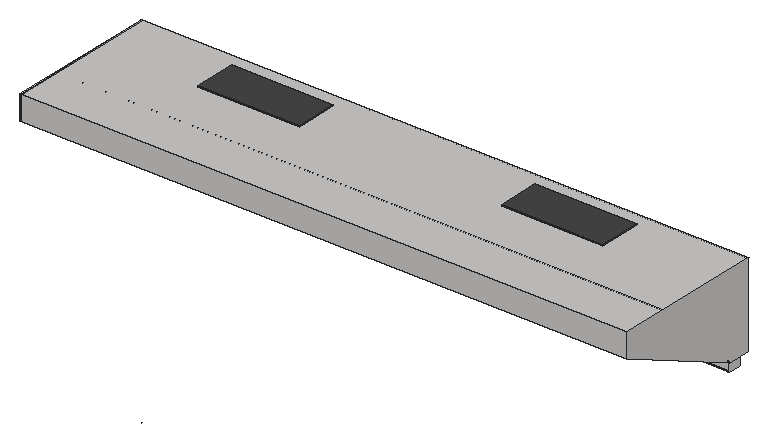
Revit family "QF_ELECTROLUXPROFESSIONAL_642291_MP936BT", category Specialty Equipment, Revit 2014
Reference planes
  plane 1: z = 0
  plane 2 "Center (Left/Right)": x = 150
  plane 3 "LEFT": x = -1650
  plane 4 "RIGHT": x = 1950
  plane 5 "BACK": y = 550
  plane 6 "Plane": z = 2000
  plane 7 "TOP": z = 2140
  plane 8 "Base": z = 1640
  plane 9: z = 1566
  plane 10 "DrainY": y = 485
  plane 11: x = -1647
  plane 12: through (0, 414.509, 1640.8) normal (0, 0.7314, 0.682)
  plane 13: y = 470
  plane 14: y = 220
  plane 15 "DrainX": x = 1830
  plane 16: x = -450
  plane 17: x = 750
  plane 18: x = -1050
  plane 19: x = 1350
  plane 20: x = 1947
  plane 21: x = 1740
  plane 22: x = 1920
  plane 23: x = -1610
  plane 24: x = -1245
  plane 25: x = -850
  plane 26: x = 1910
  plane 27: x = 1545
  plane 28: x = 1150
  plane 29: x = -47.5
  plane 30: x = 347.5
  plane 31: y = 100
  plane 32: y = -350
Forms (mm)
  Extrusion 1, solid, material "QF_Finishes_Stainless Steel"
    sketch origin (-1650, 0, 0) x (0, 1, 0) y (0, 0, 1)
      loop
        line (550, 1640) -> (550, 2140) -> (-350, 2140) -> (-350, 1999.112) -> (413.973, 1640) -> (550, 1640)
    from 0 to 3
  Extrusion 2, solid, material "QF_Finishes_Stainless Steel"
    sketch origin (150, 0, 0) x (0, 1, 0) y (0, 0, 1)
      loop
        line (415.255, 1640) -> (550, 1640) -> (550, 2139.19) -> (549.2, 2139.19) -> (549.2, 1640.8) -> (415.876, 1640.8) -> (339.347, 1722.867) -> (349.609, 1732.436) -> (348.927, 1733.167) -> (337.934, 1722.917) -> (415.255, 1640)
      loop
        line (-82.203, 2139.19) -> (-82.203, 2118.6) -> (-31.047, 2118.6) -> (34.354, 2048.466) -> (46.028, 2059.352) -> (45.346, 2060.083) -> (34.403, 2049.879) -> (-30.612, 2119.6) -> (-81.203, 2119.6) -> (-81.203, 2139.19) -> (-82.203, 2139.19)
    from -1797 to 1797
  Extrusion 3, solid, material "QF_Finishes_Stainless Steel"
    sketch origin (1950, 0, 0) x (0, 1, 0) y (0, 0, 1)
      loop
        line (550, 1640) -> (550, 2140) -> (-350, 2140) -> (-350, 1999.112) -> (413.973, 1640) -> (550, 1640)
    from 0 to -3
  Extrusion 4, solid, material "QF_Finishes_Stainless Steel"
    sketch origin (150, 0, 0) x (0, 1, 0) y (0, 0, 1)
      loop
        line (-350, 2140) -> (-350, 2000) -> (-349.2, 2000) -> (-349.2, 2139.19) -> (550, 2139.19) -> (550, 2140) -> (-350, 2140)
    from -1800 to 1800
  Extrusion 5, solid, material "QF_Finishes_Stainless Steel"
    sketch origin (150, 0, 0) x (0, 1, 0) y (0, 0, 1)
      loop
        line (534, 1640) -> (436, 1640) -> (436, 1627) -> (443.5, 1627) -> (443.5, 1576)
        arc (443.5, 1576) -> (446.429, 1568.929) -> (453.5, 1566) r 10
        line (453.5, 1566) -> (516.5, 1566)
        arc (516.5, 1566) -> (523.571, 1568.929) -> (526.5, 1576) r 10
        line (526.5, 1576) -> (526.5, 1627) -> (534, 1627) -> (534, 1640)
    from 1590 to 1770
  Extrusion 6, solid, material "QF_Finishes_Stainless Steel"
    sketch origin (0, 0, 1640) x (0, 1, 0) y (-1, 0, 0)
      loop
        circle (485, -1830) r 20
    from -76 to -74
  Extrusion 7, solid, material "QF_Finished_Chrome"
    sketch origin (150, 0, 0) x (0, 1, 0) y (0, 0, 1)
      loop
        line (337.934, 1722.917) -> (341.591, 1726.327) -> (38.011, 2051.876) -> (34.354, 2048.466) -> (337.934, 1722.917)
    from -1395 to -1760
  Extrusion 8, solid, material "QF_Finished_Chrome"
    sketch origin (150, 0, 0) x (0, 1, 0) y (0, 0, 1)
      loop
        line (337.934, 1722.917) -> (341.591, 1726.327) -> (38.011, 2051.876) -> (34.354, 2048.466) -> (337.934, 1722.917)
    from -197.5 to -1000
  Extrusion 9, solid, material "QF_Finishes_Stainless Steel"
    sketch origin (150, 0, 0) x (0, 1, 0) y (0, 0, 1)
      loop
        line (337.934, 1722.917) -> (341.591, 1726.327) -> (38.011, 2051.876) -> (34.354, 2048.466) -> (337.934, 1722.917)
    from 1797 to 1760
  Extrusion 10, solid, material "QF_Finishes_Stainless Steel"
    sketch origin (150, 0, 0) x (0, 1, 0) y (0, 0, 1)
      loop
        line (341.588, 1726.324) -> (38.009, 2051.874) -> (34.354, 2048.466) -> (337.934, 1722.917) -> (341.588, 1726.324)
    from -1395 to -1000
  Extrusion 11, solid, material "QF_Finished_Chrome"
    sketch origin (150, 0, 0) x (0, 1, 0) y (0, 0, 1)
      loop
        line (341.588, 1726.324) -> (38.009, 2051.874) -> (34.354, 2048.466) -> (337.934, 1722.917) -> (341.588, 1726.324)
    from 1395 to 1760
  Extrusion 12, solid, material "QF_Finishes_Black"
    sketch origin (0, 0, 2140) x (0, 1, 0) y (-1, 0, 0)
      loop
        line (470, 1050) -> (220, 1050) -> (220, 450) -> (470, 450) -> (470, 1050)
    from 5 to 0
  Extrusion 13, solid, material "QF_Finishes_Black"
    sketch origin (940, 0, 2140) x (0, 1, 0) y (-1, 0, 0)
      loop
        line (470, 190) -> (220, 190) -> (220, -410) -> (470, -410) -> (470, 190)
    from 5 to 0
  Extrusion 14, solid, material "QF_Finishes_Stainless Steel"
    sketch origin (0, 0, 0) x (1, 0, 0) y (0, 1, 0)
      loop
        line (-1650, 550) -> (-1650, 549) -> (-1649, 549) -> (-1649, 550) -> (-1650, 550)
    from 0 to 1
  Extrusion 15, solid, material "QF_Finishes_Stainless Steel"
    sketch origin (150, 0, 0) x (0, 1, 0) y (0, 0, 1)
      loop
        line (337.934, 1722.917) -> (341.591, 1726.327) -> (38.011, 2051.876) -> (34.354, 2048.466) -> (337.934, 1722.917)
    from -1760 to -1797
  Extrusion 16, solid, material "QF_Finishes_Stainless Steel"
    sketch origin (150, 0, 0) x (0, 1, 0) y (0, 0, -1)
      loop
        line (341.588, -1726.324) -> (337.934, -1722.917) -> (34.354, -2048.466) -> (38.009, -2051.874) -> (341.588, -1726.324)
    from -1395 to -1000
  Extrusion 17, solid, material "QF_Finished_Chrome"
    sketch origin (150, 0, 0) x (0, 1, 0) y (0, 0, 1)
      loop
        line (337.934, 1722.917) -> (341.591, 1726.327) -> (38.011, 2051.876) -> (34.354, 2048.466) -> (337.934, 1722.917)
    from 1000 to 197.5
  Extrusion 18, solid, material "QF_Finishes_Stainless Steel"
    sketch origin (150, 0, 0) x (0, 1, 0) y (0, 0, -1)
      loop
        line (341.588, -1726.324) -> (337.934, -1722.917) -> (34.354, -2048.466) -> (38.009, -2051.874) -> (341.588, -1726.324)
    from -197.5 to 197.5
Cuts and joins
  joined: Extrusion 2, Extrusion 4
Lines and regions (mm)
  reference lines
    curve 1: line (150, 34.354, 2048.466) -> (150, 34.354, 1888.466)
  symbolic lines, style "SpecialityEquipment", detail levels coarse
    curve 2: line (1950, 550, 2140) -> (-1650, 550, 2140)
    curve 3: line (-1650, 550, 2140) -> (-1650, -350, 2140)
    curve 4: line (1950, -350, 2140) -> (1950, 550, 2140)
    curve 5: line (-1650, -350, 2140) -> (1950, -350, 2140)
    curve 6: line (-1050, 220, 2140) -> (-450, 220, 2140)
    curve 7: line (-1050, 470, 2140) -> (-1050, 220, 2140)
    curve 8: line (-450, 470, 2140) -> (-1050, 470, 2140)
    curve 9: line (-450, 220, 2140) -> (-450, 470, 2140)
    curve 10: line (750, 470, 2140) -> (750, 220, 2140)
    curve 11: line (750, 220, 2140) -> (1350, 220, 2140)
    curve 12: line (1350, 470, 2140) -> (750, 470, 2140)
    curve 13: line (1350, 220, 2140) -> (1350, 470, 2140)
  symbolic lines, detail levels coarse
    curve 14: line (-1650, -350, 0) -> (1950, 550, 0)
    curve 15: line (-1650, 550, 0) -> (1950, -350, 0)
Dimensions and locks
  plane 3 "LEFT" to plane 4 "RIGHT" = 3600 mm
  equal spacing: plane 3 "LEFT", plane 2 "Center (Left/Right)", plane 4 "RIGHT"
  locked: plane 6 "Plane" to level at 2000
  plane 7 "TOP" to plane 6 "Plane" = 140 mm
  locked: plane 7 "TOP" to plane 8 "Base" at 500
  plane 8 "Base" to plane 9 = 74 mm
  plane 5 "BACK" to plane 10 "DrainY" = 65 mm  (x2)
  plane 3 "LEFT" to plane 11 = 3 mm
  plane 5 "BACK" to plane 13 = 80 mm
  plane 13 to plane 14 = 250 mm  (x2)
  plane 15 "DrainX" to plane 4 "RIGHT" = 120 mm
  locked: plane 16 to plane 17 at 1200
  equal spacing: plane 16, plane 2 "Center (Left/Right)", plane 17
  plane 18 to plane 16 = 600 mm
  plane 17 to plane 19 = 600 mm
  plane 20 to plane 4 "RIGHT" = 3 mm
  locked: plane 21 to plane 15 "DrainX" at 90
  locked: plane 15 "DrainX" to plane 22 at 90
  plane 13 to plane 5 "BACK" = 80 mm
  locked: plane 3 "LEFT" to plane 23 at 40
  locked: plane 23 to plane 24 at 365
  locked: plane 24 to plane 25 at 395
  locked: plane 26 to plane 27 at 365
  locked: plane 27 to plane 28 at 395
  locked: plane 26 to plane 4 "RIGHT" at 40
  locked: plane 29 to plane 30 at 395
  equal spacing: plane 29, plane 2 "Center (Left/Right)", plane 30
  plane 25 to plane 29 = 802.5 mm
  plane 30 to plane 28 = 802.5 mm
  plane 5 "BACK" to plane 32 = 900 mm  (x2)
  equal spacing: plane 5 "BACK", plane 31, plane 32
  aligned and locked: level to plane 1
  aligned and locked: Extrusion 2 to Extrusion 1
  aligned and locked: Extrusion 2 to Extrusion 3
  aligned and locked: plane 4 "RIGHT" to Extrusion 4
  aligned and locked: Extrusion 4 to plane 3 "LEFT"
  aligned and locked: plane 20 to Extrusion 9
  aligned and locked: plane 18 to Extrusion 12
  aligned and locked: Extrusion 12 to plane 16
  aligned and locked: Extrusion 12 to plane 14
  aligned and locked: Extrusion 12 to plane 13
  aligned and locked: Extrusion 13 to plane 19
  aligned and locked: plane 17 to Extrusion 13
  aligned and locked: Extrusion 2 to Extrusion 4
  aligned and locked: plane 22 to Extrusion 5
  aligned and locked: Extrusion 5 to plane 21
  aligned and locked: Extrusion 9 to plane 26
  aligned and locked: Extrusion 11 to plane 26
  aligned and locked: Extrusion 11 to plane 27
  aligned and locked: Extrusion 8 to plane 25
  aligned and locked: plane 25 to Extrusion 10
  aligned and locked: Extrusion 10 to plane 24
  aligned and locked: plane 24 to Extrusion 7
  aligned and locked: Extrusion 7 to plane 23
  aligned and locked: Extrusion 15 to plane 11
  aligned and locked: plane 23 to Extrusion 15
  aligned and locked: Extrusion 16 to plane 28
  aligned and locked: Extrusion 16 to plane 27
  aligned and locked: Extrusion 3 to plane 20
  aligned and locked: plane 29 to Extrusion 8
  aligned and locked: Extrusion 17 to plane 28
  aligned and locked: Extrusion 17 to plane 30
  aligned and locked: plane 30 to Extrusion 18
  aligned and locked: Extrusion 18 to plane 29
Automatic sketch dimensions
  curve 5 to plane 3 "LEFT" = 0 mm
  curve 9 to plane 14 = 0 mm
  curve 10 to plane 14 = 0 mm
  plane 13 to curve 8 = 0 mm
  plane 13 to curve 12 = 0 mm
  curve 3 to plane 5 "BACK" = 0 mm
  curve 5 to plane 4 "RIGHT" = 0 mm
  curve 11 to plane 19 = 0 mm
  curve 10 to plane 17 = 0 mm
  curve 6 to plane 16 = 0 mm
  curve 6 to plane 18 = 0 mm
  Extrusion 2 sketch curve to plane 12 = 0 mm  (x3)
  Extrusion 2 sketch curve to plane 8 "Base" = 0 mm
  plane 12 to Extrusion 2 sketch curve = 0 mm
  Extrusion 2 sketch curve to plane 5 "BACK" = 0 mm
  Extrusion 2 sketch curve to Extrusion 2 sketch curve = 65.646 mm
  Extrusion 2 sketch curve to Extrusion 2 sketch curve = 0.682 mm  (x2)
  Extrusion 2 sketch curve to Extrusion 2 sketch curve = 10.261 mm
  plane 8 "Base" to Extrusion 2 sketch curve = 82.917 mm
  Extrusion 2 sketch curve to Extrusion 2 sketch curve = 10.942 mm
  Extrusion 2 sketch curve to Extrusion 2 sketch curve = 0.049 mm
  Extrusion 2 sketch curve to plane 7 "TOP" = 20.4 mm
  Extrusion 2 sketch curve to plane 7 "TOP" = 21.4 mm
  Extrusion 2 sketch curve to plane 7 "TOP" = 0.81 mm  (x2)
  Extrusion 2 sketch curve to Extrusion 2 sketch curve = 50.156 mm
  Extrusion 2 sketch curve to Extrusion 2 sketch curve = 1 mm
  plane 8 "Base" to Extrusion 2 sketch curve = 0.8 mm
  Extrusion 2 sketch curve to plane 5 "BACK" = 0.8 mm
  Extrusion 3 sketch curve to plane 8 "Base" = 0 mm
  Extrusion 3 sketch curve to plane 5 "BACK" = 0 mm
  Extrusion 3 sketch curve to plane 7 "TOP" = 0 mm
  plane 13 to Extrusion 3 sketch curve = 56.027 mm
  Extrusion 4 sketch curve to plane 6 "Plane" = 0 mm
  Extrusion 4 sketch curve to plane 5 "BACK" = 0 mm
  Extrusion 4 sketch curve to plane 7 "TOP" = 0 mm
  Extrusion 4 sketch curve to plane 7 "TOP" = 0.81 mm
  curve 1 to plane 12 = 0 mm
  curve 1 to plane 6 "Plane" = 111.534 mm
  Extrusion 5 sketch curve to plane 8 "Base" = 0 mm
  Extrusion 5 sketch curve to plane 9 = 0 mm
  Extrusion 5 sketch curve to plane 8 "Base" = 13 mm  (x2)
  plane 13 to Extrusion 5 sketch curve = 34 mm
  Extrusion 5 sketch curve to Extrusion 5 sketch curve = 7.5 mm  (x2)
  Extrusion 5 sketch curve to Extrusion 5 sketch curve = 10 mm
  plane 10 "DrainY" to Extrusion 5 sketch curve = 31.5 mm
  Extrusion 5 sketch curve to plane 5 "BACK" = 23.5 mm
  Extrusion 6 sketch curve to plane 10 "DrainY" = 0 mm
  Extrusion 6 sketch curve to plane 15 "DrainX" = 0 mm
  Extrusion 7 sketch curve to plane 12 = 0 mm  (x2)
  Extrusion 7 sketch curve to Extrusion 7 sketch curve = 3.657 mm
  plane 8 "Base" to Extrusion 7 sketch curve = 82.917 mm
  Extrusion 8 sketch curve to plane 12 = 0 mm  (x2)
  Extrusion 8 sketch curve to Extrusion 8 sketch curve = 3.657 mm
  plane 8 "Base" to Extrusion 8 sketch curve = 82.917 mm
  Extrusion 9 sketch curve to plane 12 = 0 mm  (x2)
  Extrusion 9 sketch curve to Extrusion 9 sketch curve = 3.657 mm
  plane 8 "Base" to Extrusion 9 sketch curve = 82.917 mm
  Extrusion 10 sketch curve to plane 12 = 0 mm  (x2)
  Extrusion 10 sketch curve to Extrusion 10 sketch curve = 3.655 mm
  plane 8 "Base" to Extrusion 10 sketch curve = 82.917 mm
  Extrusion 11 sketch curve to plane 12 = 0 mm  (x2)
  Extrusion 11 sketch curve to Extrusion 11 sketch curve = 3.655 mm
  plane 8 "Base" to Extrusion 11 sketch curve = 82.917 mm
  Extrusion 12 sketch curve to plane 14 = 0 mm
  plane 13 to Extrusion 12 sketch curve = 0 mm
  Extrusion 12 sketch curve to plane 16 = 0 mm
  Extrusion 12 sketch curve to plane 18 = 0 mm
  Extrusion 13 sketch curve to plane 14 = 0 mm
  plane 13 to Extrusion 13 sketch curve = 0 mm
  Extrusion 13 sketch curve to plane 19 = 0 mm
  Extrusion 13 sketch curve to plane 17 = 0 mm
  Extrusion 14 sketch curve to plane 3 "LEFT" = 0 mm
  Extrusion 14 sketch curve to plane 5 "BACK" = 0 mm
  plane 3 "LEFT" to Extrusion 14 sketch curve = 1 mm
  Extrusion 14 sketch curve to Extrusion 14 sketch curve = 1 mm
  Extrusion 15 sketch curve to plane 12 = 0 mm  (x2)
  Extrusion 15 sketch curve to Extrusion 15 sketch curve = 3.657 mm
  plane 8 "Base" to Extrusion 15 sketch curve = 82.917 mm
  Extrusion 16 sketch curve to plane 12 = 0 mm  (x2)
  Extrusion 16 sketch curve to Extrusion 16 sketch curve = 3.655 mm
  plane 8 "Base" to Extrusion 16 sketch curve = 82.917 mm
  Extrusion 17 sketch curve to plane 12 = 0 mm  (x2)
  Extrusion 17 sketch curve to Extrusion 17 sketch curve = 3.657 mm
  plane 8 "Base" to Extrusion 17 sketch curve = 82.917 mm
  Extrusion 18 sketch curve to plane 12 = 0 mm  (x2)
  Extrusion 18 sketch curve to Extrusion 18 sketch curve = 3.655 mm
  plane 8 "Base" to Extrusion 18 sketch curve = 82.917 mm
  Extrusion 4 sketch curve to Extrusion 4 sketch curve = 0.8 mm
  curve 5 to plane 14 = 570 mm
  plane 6 "Plane" to Extrusion 2 sketch curve = 48.466 mm
  Extrusion 4 sketch curve to plane 14 = 569.2 mm
  curve 1 to plane 14 = 185.646 mm
  plane 6 "Plane" to Extrusion 7 sketch curve = 51.876 mm
  plane 6 "Plane" to Extrusion 8 sketch curve = 51.876 mm
  plane 6 "Plane" to Extrusion 9 sketch curve = 51.876 mm
  plane 6 "Plane" to Extrusion 10 sketch curve = 51.874 mm
  plane 6 "Plane" to Extrusion 11 sketch curve = 51.874 mm
  plane 6 "Plane" to Extrusion 15 sketch curve = 51.876 mm
  plane 6 "Plane" to Extrusion 16 sketch curve = 51.874 mm
  plane 6 "Plane" to Extrusion 17 sketch curve = 51.876 mm
  plane 6 "Plane" to Extrusion 18 sketch curve = 51.874 mm
  Extrusion 1 sketch curve to plane 32 = 0 mm
  Extrusion 1 sketch curve to plane 8 "Base" = 0 mm
  Extrusion 1 sketch curve to plane 5 "BACK" = 0 mm
  Extrusion 1 sketch curve to plane 7 "TOP" = 0 mm
  plane 13 to Extrusion 1 sketch curve = 56.027 mm
  Extrusion 1 sketch curve to plane 6 "Plane" = 0.888 mm
  Extrusion 3 sketch curve to plane 32 = 0 mm
  Extrusion 3 sketch curve to plane 6 "Plane" = 0.888 mm
  curve 15 to plane 3 "LEFT" = 0 mm
  curve 14 to plane 3 "LEFT" = 0 mm
  curve 15 to plane 4 "RIGHT" = 0 mm
  curve 14 to plane 4 "RIGHT" = 0 mm
  curve 15 to plane 32 = 0 mm
  curve 14 to plane 32 = 0 mm
  curve 15 to plane 5 "BACK" = 0 mm
  curve 14 to plane 5 "BACK" = 0 mm
  radius of Extrusion 6 sketch curve = 20 mm
Connectors
  piping at (1830, 485, 1564), diameter 20
    settings: on Extrusion 6, index 1, connector inside diameter 609.6 mm, connector length 0 mm, flow factor 0, pipe flow 0.0 L/s, pressure drop 0.0 Pa, fitting loss kfactor 0, connector angle 0.00°, fixture units 0, engagement length 0 mm, angle of deflection 0.00°, flow configuration 1, flow direction 2, fitting loss method 0, system type 16, joint type 0, gender type 0, connector reference index -1, connector utility 0, adjustable connector no, is connector primary yes, connector description "Drain"
  hvac at (-750, 345, 2145)
    settings: on Extrusion 12, index 2, duct flow 0.0 L/s, flow factor 0, pres drop 0.0 Pa, loss coef 0, conn angle 0.00°, conn width 250 mm, conn height 600 mm, conn diameter 609.6 mm, duct sys type 3, conn prof type 1, flow config 1, flow direction 0, loss method 0, conn ref index -1, conn util no, is conn primary yes, conn desc "EXHAUST OUTLET"
  hvac at (1050, 345, 2145)
    settings: on Extrusion 13, index 3, duct flow 0.0 L/s, flow factor 0, pres drop 0.0 Pa, loss coef 0, conn angle 0.00°, conn width 250 mm, conn height 600 mm, conn diameter 609.6 mm, duct sys type 3, conn prof type 1, flow config 1, flow direction 0, loss method 0, conn ref index -1, conn util no, is conn primary no, conn desc "EXHAUST OUTLET"
